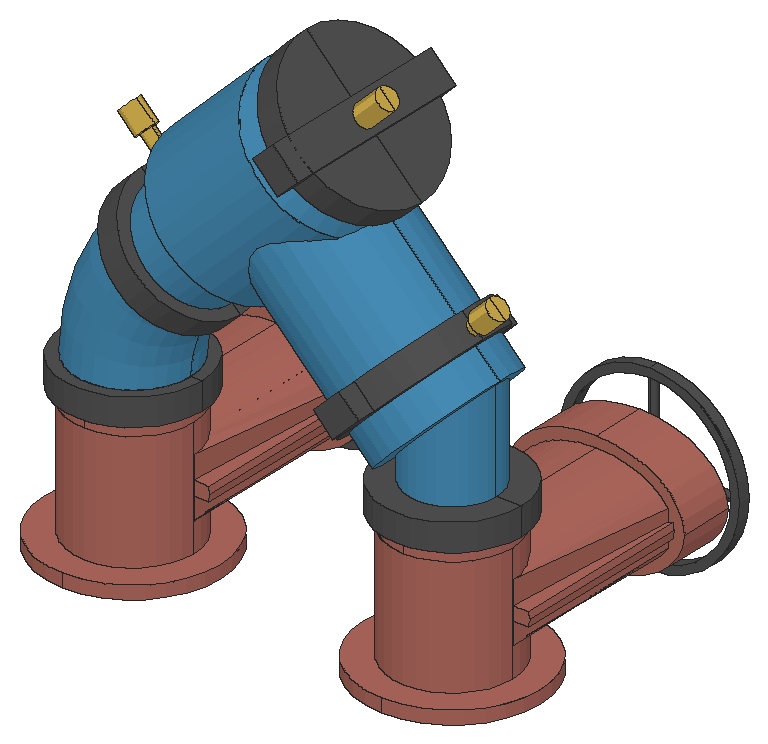
Revit family "Backflow_Preventer-DC-Zurn_Wilkins-Model_450_450G-(8-10_Inch)", category Pipe Accessories, Revit 2022 (continued)
Definition of nested family "Symbolic diagram 450NRS(8-10)"
  Dimensions and locks (in)
    aligned and locked: plane 10 to curve 1
    aligned and locked: plane 13 to curve 9
    aligned and locked: plane 12 to curve 9
    aligned and locked: plane 10 to curve 10
    aligned and locked: plane 11 to curve 10
    aligned and locked: plane 12 to curve 10
    aligned and locked: curve 12 to plane 17
    aligned and locked: plane 10 to curve 12
    aligned and locked: plane 17 to curve 13
    aligned and locked: plane 18 to curve 13
    aligned and locked: plane 11 to curve 14
    aligned and locked: curve 14 to plane 18
    aligned and locked: curve 16 to plane 19
    aligned and locked: plane 10 to curve 16
    aligned and locked: plane 11 to curve 16
    aligned and locked: plane 20 to curve 18
    aligned and locked: level to curve 18
    aligned and locked: curve 22 to plane 22
    aligned and locked: level to curve 22
    aligned and locked: curve 26 to level
    aligned and locked: plane 19 to curve 26
    aligned and locked: plane 27 to curve 26
    aligned and locked: plane 26 to curve 27
    aligned and locked: curve 27 to level
    aligned and locked: plane 16 to curve 27
    aligned and locked: curve 44 to plane 19
    aligned and locked: plane 33 to curve 44
    aligned and locked: plane 18 to curve 40
    aligned and locked: plane 17 to curve 40
    aligned and locked: plane 1 "Center (Front/Back)" to curve 40
    aligned and locked: plane 1 "Center (Front/Back)" to curve 45
    aligned and locked: plane 19 to curve 45
    aligned and locked: plane 27 to curve 45
    aligned and locked: plane 33 to curve 37
    aligned and locked: plane 12 to curve 37
    aligned and locked: plane 32 to curve 39
    aligned and locked: plane 33 to curve 29
    aligned and locked: plane 32 to curve 28
    aligned and locked: plane 33 to curve 30
    aligned and locked: plane 33 to curve 33
    aligned and locked: plane 32 to curve 35
    aligned and locked: curve 31 to plane 1 "Center (Front/Back)"
    aligned and locked: plane 14 to curve 31
    aligned and locked: plane 15 to curve 31
    aligned and locked: plane 33 to curve 35
    aligned and locked: plane 32 to curve 34
    aligned and locked: curve 36 to plane 1 "Center (Front/Back)"
    aligned and locked: plane 26 to curve 36
    aligned and locked: plane 13 to curve 46
    aligned and locked: plane 12 to curve 46
    aligned and locked: plane 1 "Center (Front/Back)" to curve 46
    aligned and locked: plane 32 to curve 43
    aligned and locked: plane 33 to curve 42
    aligned and locked: plane 33 to curve 38
    aligned and locked: plane 32 to curve 42
    aligned and locked: plane 32 to curve 37
    aligned and locked: plane 32 to curve 29
    aligned and locked: plane 16 to curve 35
    aligned and locked: plane 15 to curve 33
    aligned and locked: plane 13 to curve 29
    aligned and locked: plane 18 to curve 42
    aligned and locked: plane 20 to curve 47
    aligned and locked: plane 39 to curve 47
    aligned and locked: plane 39 to curve 48
    aligned and locked: curve 48 to plane 22
    aligned and locked: plane 1 "Center (Front/Back)" to curve 47
    aligned and locked: plane 1 "Center (Front/Back)" to curve 48
    aligned and locked: plane 2 to plane 41
    aligned and locked: curve 55 to plane 42
    aligned and locked: plane 43 to curve 55
    aligned and locked: plane 14 to curve 55
    aligned and locked: plane 43 to curve 58
    aligned and locked: plane 45 to curve 58
    aligned and locked: plane 46 to curve 58
    aligned and locked: curve 59 to plane 42
    aligned and locked: plane 12 to curve 59
    aligned and locked: curve 60 to plane 44
    aligned and locked: plane 44 to curve 59
    aligned and locked: plane 46 to curve 60
    aligned and locked: plane 45 to curve 60
    aligned and locked: curve 67 to plane 47
    aligned and locked: plane 12 to curve 67
    aligned and locked: plane 44 to curve 67
    aligned and locked: plane 49 to curve 69
    aligned and locked: plane 17 to curve 70
    aligned and locked: plane 44 to curve 69
    aligned and locked: plane 48 to curve 68
    aligned and locked: plane 13 to curve 66
    aligned and locked: plane 49 to curve 64
    aligned and locked: plane 48 to curve 66
    aligned and locked: plane 43 to curve 65
    aligned and locked: plane 43 to curve 63
    aligned and locked: plane 14 to curve 63
    aligned and locked: curve 63 to plane 47
    aligned and locked: plane 11 to curve 71
    aligned and locked: plane 10 to curve 71
    aligned and locked: plane 33 to curve 72
    aligned and locked: plane 32 to curve 72
    aligned and locked: plane 1 "Center (Front/Back)" to curve 71
    aligned and locked: curve 72 to plane 2
  Automatic sketch dimensions
    curve 57 to plane 13 = 0"
    plane 17 to curve 62 = 0"
    curve 57 to plane 42 = 0"
    curve 61 to plane 42 = 0"
    curve 13 to level = 0"
    plane 10 to curve 20 = 47/256"
    curve 20 to plane 20 = 0.82135"
    curve 20 to curve 19 = 0"
    curve 20 to plane 43 = 0.12525"
    curve 19 to plane 43 = 0.12525"
    curve 21 to plane 43 = 0.12525"
    plane 59 to curve 23 = 0.7099"
    plane 10 to curve 24 = 47/256"
    plane 59 to curve 24 = 0.7099"
    curve 24 to plane 44 = 0.12525"
    curve 25 to plane 44 = 0.12525"
    curve 23 to plane 44 = 0.12525"
    level to curve 23 = 0.24874"
    level to curve 19 = 0.24874"
    curve 19 to curve 20 = 3/4"
    curve 23 to curve 24 = 3/4"
    curve 19 to plane 10 = 145/256"
    curve 23 to plane 10 = 145/256"
    curve 21 to plane 10 = 0.12626"
    curve 25 to plane 10 = 0.12626"
    curve 25 to curve 22 = 49/256"
    curve 65 to plane 47 = 0"
    curve 69 to plane 47 = 0"
    curve 49 to plane 32 = 0.25396"
    curve 49 to plane 20 = 0.94543"
    plane 39 to curve 51 = 0.12104"
    curve 51 to plane 20 = 0.94543"
    curve 50 to curve 51 = 0"
    curve 51 to plane 43 = 0.03744"
    curve 49 to plane 43 = 0.03744"
    curve 50 to plane 43 = 0.03744"
    curve 52 to plane 32 = 0.25396"
    plane 59 to curve 52 = 0.58582"
    plane 39 to curve 54 = 0.12104"
    plane 59 to curve 54 = 0.58582"
    curve 52 to plane 44 = 0.03744"
    curve 54 to plane 44 = 0.03744"
    curve 53 to plane 44 = 0.03744"
    curve 52 to plane 1 "Center (Front/Back)" = 0.42854"
    curve 49 to plane 1 "Center (Front/Back)" = 0.42854"
    curve 50 to plane 32 = 0.69646"
    curve 53 to plane 32 = 0.69646"
    plane 32 to curve 51 = 0.05354"
    plane 32 to curve 54 = 0.05354"
    plane 32 to curve 50 = 0.49604"
    plane 32 to curve 53 = 0.49604"
    curve 9 to level = 0"
    plane 59 to curve 25 = 0.7099"
    curve 24 to curve 25 = 3/4"
    plane 59 to curve 53 = 0.58582"
    curve 21 to curve 20 = 0"
    curve 20 to curve 21 = 3/4"
    curve 21 to curve 18 = 49/256"
    curve 5 to plane 10 = 0"
    curve 14 to plane 10 = 0"
Types (4): name | Symbolic diagram | Rated Flow | Product Weight (lbs) | Pressure Loss at Rated Flow | Overall Height | Nominal Diameter | Main Body DA | Nominal Radius | Model | Shut Off Valve | Height | DIM C - Center to gate valve stem top | DIM B - Overall height of the valve
  10-450G (10" 450G) | Symbolic diagram 450NRS(8-10) : 10" | 2400 GPM | 980 | 6.00 psi | 47 1/2" | 10" | Main Body 450(8-10) : 10" | 5" | "450G" | Gate Valve_450 NRS(8-10) : 10" G | 47 1/2" | 24 3/4" | 47 1/2"
  8-450G (8" 450G) | Symbolic diagram 450NRS(8-10) : 8" | 1600 GPM | 798 | 3.50 psi | 46" | 8" | Main Body 450(8-10) : 8" | 4" | "450G" | Gate Valve_450 NRS(8-10) : 8" G | 46" | 21 1/8" | 46"
  10-450 (10" 450) | Symbolic diagram 450NRS(8-10) : 10" | 2400 GPM | 1032 | 6.00 psi | 47 1/2" | 10" | Main Body 450(8-10) : 10" | 5" | "450" | Gate Valve_450 NRS(8-10) : 10" | 47 1/2" | 24 3/4" | 47 1/2"
  8-450 (8" 450) | Symbolic diagram 450NRS(8-10) : 8" | 1600 GPM | 838 | 3.50 psi | 46" | 8" | Main Body 450(8-10) : 8" | 4" | "450" | Gate Valve_450 NRS(8-10) : 8" | 46" | 21 1/8" | 46"
